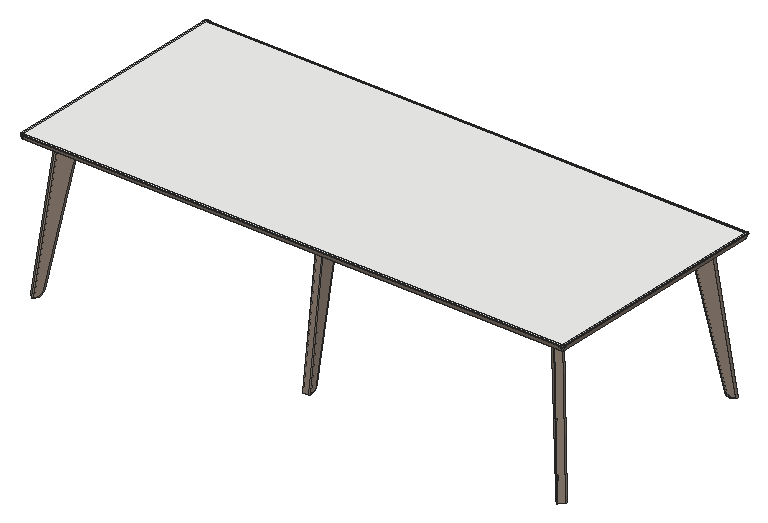
Revit family "Table-Casual-Naughtone-Dalby_6Leg", category Furniture, Revit 2015
Parameters (values of type "2800mmx1200mmx750mm")
  _distributed by = "www.bimbox.co.uk"  # constant formula
  _current revision = "1"
  _created by = "BIMBox"  # constant formula
  _author = "BIMBox"  # constant formula
  _BIMspec_GUID = 0
  WarrantyStartDate [instance] = "<User Defined>"
  WarrantyGuarantorParts = "sales@naughtone.com"
  WarrantyGuarantorLabor = "sales@naughtone.com"
  WarrantyDurationUnit = "Years"
  WarrantyDurationParts = "5"
  WarrantyDurationLabor = "5"
  WarrantyDescription = "5 year warranty"
  Version = "1"
  Uniclass2015 = "40.50.21.22"
  URL = "http://www.naughtone.com/"
  TypeName = "Table-Casual-Naughtone-Dalby_6Leg"
  Type Comments = "2800x1200x750"
  TagNumber = "0.000000"
  SustainabilityPerformance = "89.64% reusable content"
  Size = "2800mmx1200mmx750mm"
  Shape = "Rectangular"
  SerialNumber = "0.000000"
  ReplacementCost = "0.00"
  ProductInformation = "http://www.naughtone.com/wp-content/uploads/2015/05/Dalby-Brochure-FISP-2015.pdf?49171d"
  Product URL = "http://www.naughtone.com/portfolio-view/dalby"
  Option [instance] = if(HasReverseChamfer, "MFMDF with reverse chamfer", if(HasBandEdge, "MFMDF edge banded", "n/a"))  # "MFMDF with reverse chamfer"
  NominalWidth = 2800 mm
  NominalLength = 1200 mm  # constant formula
  NominalHeight = 750 mm  # constant formula
  Name = "2800mmx1200mmx750mm, Dalby 6 Leg Table"
  NBSReference = "40.50.21.22"
  NBSDescription = "n/a"
  Mtrl_Top [instance] = Laminate-White-Smooth
  Mtrl_Frame [instance] = Wood-Oak-Satin_Frame
  Mtrl_EdgeTop [instance] = Wood-Oak-Matte_Top
  ModelReference = "Dalby 6 Leg Table"
  ModelNumber = "DAL-6LEG-2800x1200"
  Model = "DAL-6LEG-2800x1200"
  Material = "MFMDF Top; Solid Oak Legs"
  ManufacturerAddressUK = "201 Pannal Business Park, Station Road, Harrogate, HG3 1JL"  # constant formula
  Manufacturer = "Naughtone"  # constant formula
  Keynote = "40.50.21.22"
  InstallationDate [instance] = "<User Defined>"
  HasReverseChamfer [instance] = yes
  HasBandEdge [instance] = not(HasReverseChamfer)  # no
  Grade = "n/a"
  Finish = "Polyster powder coat; various top finishes available"
  Features = "n/a"
  ExpectedLife = "15-20"
  EdgeOffset [instance] = if(HasReverseChamfer, 10 mm, 5 mm)  # 10 mm
  DurationUnit = "Years"
  Description = "Dalby 6 Leg Table"
  CreatedOn = "2015.07.15"
  CreatedBy = "Naughtone"  # constant formula
  Cost = 0
  ContactTelephoneNumber = "+44 (0) 1423 816500"
  ContactEmailAddress = "sales@naughtone.com"
  Constituents = "Wood Top; Solid Oak frame"
  ComponentDescription = "The Dalby table will inject warmth and quality into an interior without raising any eyebrows. Dalby provides a practical, robust surface and maximised leg positions for clear, useable access all round the table."
  Color = "White"
  CodePerformance = "FISP Certified; ISO14001 Certified"
  Category = "40.50.21.22 : Dining Tables"
  BarCode = "0.000000"
  BIMObjectName = "Table-Casual-Naughtone-Dalby_6Leg"
  AssetType = "Movable"
  AssetIdentifier = "DAL-6LEG-2800x1200"
  Assembly Code = "E2020"
  AdditionalMaterials = "Additional material and finish options available. Please contact Naughtone direct for further information."
  AccessibilityPerformance = "n/a"
Types (3, lengths in mm): name | Type Comments | Size | NominalWidth | Name | ModelNumber | Model | AssetIdentifier
  (no name) | "2800x1200x750" | "2800mmx1200mmx750mm" | 2800 | "2800mmx1200mmx750mm, Dalby 6 Leg Table" | "DAL-6LEG-2800x1200" | "DAL-6LEG-2800x1200" | "DAL-6LEG-2800x1200"
  2800mmx1200mmx750mm | "2800x1200x750" | "2800mmx1200mmx750mm" | 2800 | "2800mmx1200mmx750mm, Dalby 6 Leg Table" | "DAL-6LEG-2800x1200" | "DAL-6LEG-2800x1200" | "DAL-6LEG-2800x1200"
  3200mmx1200mmx750mm | "3200x1200x750" | "3200mmx1200mmx750mm" | 3200 | "3200mmx1200mmx750mm, Dalby 6 Leg Table" | "DAL-6LEG-3200x1200" | "DAL-6LEG-3200x1200" | "DAL-6LEG-3200x1200"
Reference planes
  plane 1 "Center (Front/Back)": y = 0
  plane 2: z = 0
  plane 3 "Center (Left/Right)": x = 0
  plane 4 "Left": x = -1400
  plane 5 "Right": x = 1400
  plane 6 "Rear": y = 600
  plane 7 "Front": y = -600
  plane 8 "Top": z = 750
  plane 9: x = -1390
  plane 10: y = -590
  plane 11: y = 590
  plane 12: x = 1390
  plane 13 "EdgeProfile": z = 725
  plane 14: y = -595
Forms (mm)
  Sweep 1, solid, material "Wood-Oak-Matte_Top" <- "Mtrl_EdgeTop", visible <- "HasReverseChamfer"
    path origin (0, 0, 725) x (-1, 0, 0) y (0, -1, 0)
      loop
        line (1390, -587) -> (1390, 587)
        arc (1390, 587) -> (1389.121, 589.121) -> (1387, 590) r 3
        line (1387, 590) -> (-1387, 590)
        arc (-1387, 590) -> (-1389.121, 589.121) -> (-1390, 587) r 3
        line (-1390, 587) -> (-1390, -587)
        arc (-1390, -587) -> (-1389.121, -589.121) -> (-1387, -590) r 3
        line (-1387, -590) -> (1387, -590)
        arc (1387, -590) -> (1389.121, -589.121) -> (1390, -587) r 3
    profile origin (-1390, 0, 725) x (1, 0, 0) y (0, 0, 1)
      loop
        line (0, 25) -> (-9.5, 25)
        arc (-9.5, 25) -> (-9.854, 24.854) -> (-10, 24.5) r 0.5
        line (-10, 24.5) -> (-10, 21.379)
        arc (-10, 21.379) -> (-9.925, 20.513) -> (-9.701, 19.674) r 5
        line (-9.701, 19.674) -> (-1.167, 0) -> (0, 0) -> (0, 25)
  Sweep 2, solid, material "Wood-Oak-Matte_Top" <- "Mtrl_EdgeTop", visible <- "HasBandEdge"
    path origin (0, 0, 725) x (-1, 0, 0) y (0, -1, 0)
      loop
        line (1387, 590) -> (-1387, 590)
        arc (-1387, 590) -> (-1389.121, 589.121) -> (-1390, 587) r 3
        line (-1390, 587) -> (-1390, -587)
        arc (-1390, -587) -> (-1389.121, -589.121) -> (-1387, -590) r 3
        line (-1387, -590) -> (1387, -590)
        arc (1387, -590) -> (1389.121, -589.121) -> (1390, -587) r 3
        line (1390, -587) -> (1390, 587)
        arc (1390, 587) -> (1389.121, 589.121) -> (1387, 590) r 3
    profile origin (0, -590, 725) x (0, 1, 0) y (0, 0, 1)
      loop
        line (-5, 20) -> (-5, 5)
        arc (-5, 5) -> (-3.536, 1.464) -> (0, 0) r 5
        line (0, 0) -> (0, 25)
        arc (0, 25) -> (-3.536, 23.536) -> (-5, 20) r 5
  Extrusion 3, solid, material "Laminate-White-Smooth" <- "Mtrl_Top"
    sketch origin (0, 0, 725) x (-1, 0, 0) y (0, -1, 0)
      loop
        arc (1387, -590) -> (1389.121, -589.121) -> (1390, -587) r 3
        line (1390, -587) -> (1390, 587)
        arc (1390, 587) -> (1389.121, 589.121) -> (1387, 590) r 3
        line (1387, 590) -> (-1387, 590)
        arc (-1387, 590) -> (-1389.121, 589.121) -> (-1390, 587) r 3
        line (-1390, 587) -> (-1390, -587)
        arc (-1390, -587) -> (-1389.121, -589.121) -> (-1387, -590) r 3
        line (-1387, -590) -> (1387, -590)
    from 0 to 25
Dimensions and locks
  equal spacing: plane 4 "Left", plane 3 "Center (Left/Right)", plane 5 "Right"
  "NominalWidth": plane 4 "Left" to plane 5 "Right"
  equal spacing: plane 6 "Rear", plane 1 "Center (Front/Back)", plane 7 "Front"
  "NominalLength": plane 6 "Rear" to plane 7 "Front"
  "NominalHeight": plane 8 "Top" to level
  "EdgeOffset": plane 4 "Left" to plane 9
  "EdgeOffset": plane 12 to plane 5 "Right"
  "EdgeOffset": plane 6 "Rear" to plane 11
  "EdgeOffset": plane 10 to plane 7 "Front"
  locked: plane 8 "Top" to plane 13 "EdgeProfile" at 25
  locked: plane 14 to plane 10 at 5
  aligned and locked: level to plane 2
  aligned and locked: Sweep 1 sketch curve to plane 9
  aligned and locked: Sweep 1 sketch curve to plane 11
  aligned and locked: Sweep 1 sketch curve to plane 10
  aligned and locked: Sweep 1 sketch curve to plane 12
  aligned and locked: plane 8 "Top" to Sweep 1 sketch curve
  aligned and locked: Sweep 1 sketch curve to plane 4 "Left"
  aligned and locked: plane 13 "EdgeProfile" to Sweep 1 sketch curve
  aligned and locked: plane 9 to Sweep 1 sketch curve
  aligned and locked: Sweep 2 sketch curve to plane 10
  aligned and locked: Sweep 2 sketch curve to plane 9
  aligned and locked: Sweep 2 sketch curve to plane 11
  aligned and locked: Sweep 2 sketch curve to plane 12
  aligned and locked: plane 10 to Sweep 2 sketch curve
  aligned and locked: Sweep 2 sketch curve to plane 14
  aligned and locked: Extrusion 3 sketch curve to plane 11
  aligned and locked: Extrusion 3 sketch curve to plane 9
  aligned and locked: Extrusion 3 sketch curve to plane 10
  aligned and locked: Extrusion 3 sketch curve to plane 12
  aligned and locked: Extrusion 3 to plane 8 "Top"
  aligned and locked: Extrusion 3 to plane 13 "EdgeProfile"
  aligned and locked: nested 1 to plane 1 "Center (Front/Back)"
  aligned and locked: plane 3 "Center (Left/Right)" to nested 1
Automatic sketch dimensions
  Sweep 2 sketch curve to profile plane = 0 mm
  Sweep 2 sketch curve to plane 13 "EdgeProfile" = 0 mm
  Sweep 2 sketch curve to Sweep 2 sketch curve = 15 mm
  Sweep 2 sketch curve to Sweep 2 sketch curve = 0 mm
  Sweep 1 sketch curve to Sweep 1 sketch curve = 0.299 mm
  Sweep 1 sketch curve to Sweep 1 sketch curve = 0.5 mm
  Sweep 1 sketch curve to Sweep 1 sketch curve = 5 mm
  Sweep 1 sketch curve to Sweep 1 sketch curve = 4.826 mm
  profile plane to Sweep 1 sketch curve = 1.167 mm
  plane 12 to Sweep 1 sketch curve = 3 mm  (x2)
  plane 9 to Sweep 1 sketch curve = 3 mm  (x2)
  plane 12 to Extrusion 3 sketch curve = 3 mm  (x2)
  Extrusion 3 sketch curve to Extrusion 3 sketch curve = 3 mm  (x2)
  plane 12 to Sweep 2 sketch curve = 3 mm
  Sweep 2 sketch curve to Sweep 2 sketch curve = 3 mm  (x2)
  plane 9 to Sweep 2 sketch curve = 3 mm
Nested families
  nested 1: "Nested-Frame-Naughtone-Dalby_6Leg" at (0, 0, 0), Mtrl_Frame <- "Mtrl_Frame", NominalLength <- "NominalLength", NominalWidth <- "NominalWidth", type "Dalby Frame"
    with NominalWidth 2800 mm, NominalLength 1200 mm, Mtrl_Frame Wood-Oak-Satin_Frame
Definition of nested family "Nested-Frame-Naughtone-Dalby_6Leg"
  Parameters (values of type "Dalby Frame")
    _distributed by = "www.bimbox.co.uk"  # constant formula
    _current revision = "1"
    _created by = "BIMBox"  # constant formula
    _author = "BIMBox"  # constant formula
    URL = "http://www.naughtone.com/"
    Type Comments = ""
    NominalWidth [instance] = 2800 mm
    NominalLength [instance] = 1200 mm
    NominalHeight = 750 mm  # constant formula
    Mtrl_Frame [instance] = none
    Model = "Dalby Frame"
    ManufacturerAddressUK = "201 Pannal Business Park, Station Road, Harrogate, HG3 1JL"  # constant formula
    Manufacturer = "Naughtone"  # constant formula
    Keynote = ""
    Description = "Dalby Frame"
    Cost = 0
    ContactTelephoneNumber = "+44 (0) 1423 816500"
    ContactEmailAddress = "sales@naughtone.com"
    Assembly Code = "E2020"
  Reference planes
    plane 1 "Center (Front/Back)": y = 0
    plane 2: z = 0
    plane 3 "Center (Left/Right)": x = 0
    plane 4 "Left": x = -1400
    plane 5 "Right": x = 1400
    plane 6 "Rear": y = 600
    plane 7 "Front": y = -600
    plane 8 "Top": z = 750
    plane 9 "EdgeProfile": z = 725
    plane 10: z = 650
    plane 11: y = -550
    plane 12: x = 1378
    plane 13: x = 1350
    plane 14: y = -578
    plane 15: x = 1225
    plane 16: y = -397
    plane 17: x = 1197
    plane 18: y = -425
    plane 19: x = 1211
    plane 20: y = -411
    plane 21: x = 1364
    plane 22: y = -564
    plane 23: through (1047, -575, 1200) normal (-0.7071, 0.7071, 0)
    plane 24: through (1200, -728, 1200) normal (-0.7071, 0.7071, 0)
    plane 25: through (1038.223, -739.272, 725) normal (-0.7071, 0.7071, 0)
    plane 26: z = 655.321
    plane 27: through (972.329, -673.378, 649.22) normal (-0.7071, 0.7071, 0)
    plane 28: z = 649.22
    plane 29: z = 612.454
    plane 30: through (994.845, -695.895, 612.454) normal (-0.7071, 0.7071, 0)
    plane 31: z = 602.235
    plane 32: through (960.236, -661.286, 602.235) normal (-0.7071, 0.7071, 0)
    plane 33: z = 32.847
    plane 34: through (1080.418, -781.467, 32.847) normal (-0.7071, 0.7071, 0)
    plane 35: z = 5
    plane 36: through (1104.644, -805.694, 5) normal (-0.7071, 0.7071, 0)
    plane 37: through (1109.411, -810.46, 5) normal (-0.7071, 0.7071, 0)
    plane 38: z = 40
    plane 39: z = 655.321
    plane 40: through (957.647, -658.696, 730) normal (0.7071, -0.7071, 0)
    plane 41: z = 727
    plane 42: through (1043.798, -744.847, 728.911) normal (0.7071, -0.7071, 0)
    plane 43: y = 550
    plane 44: x = 1378
    plane 45: x = 1350
    plane 46: y = 578
    plane 47: x = 1225
    plane 48: y = 397
    plane 49: x = 1197
    plane 50: y = 425
    plane 51: x = 1211
    plane 52: y = 411
    plane 53: x = 1364
    plane 54: y = 564
    plane 55: through (1047, 575, 1200) normal (0.7071, 0.7071, 0)
    plane 56: through (1200, 728, 1200) normal (0.7071, 0.7071, 0)
    plane 57: through (1038.223, 739.272, 725) normal (0.7071, 0.7071, 0)
    plane 58: through (972.329, 673.378, 649.22) normal (0.7071, 0.7071, 0)
    plane 59: through (994.845, 695.895, 612.454) normal (0.7071, 0.7071, 0)
    plane 60: through (960.236, 661.286, 602.235) normal (0.7071, 0.7071, 0)
    plane 61: through (1080.418, 781.467, 32.847) normal (0.7071, 0.7071, 0)
    plane 62: through (1104.644, 805.694, 5) normal (0.7071, 0.7071, 0)
    plane 63: through (1109.411, 810.46, 5) normal (0.7071, 0.7071, 0)
    plane 64: z = 655.321
    plane 65: through (957.647, 658.696, 730) normal (-0.7071, -0.7071, 0)
    plane 66: z = 727
    plane 67: through (1043.798, 744.847, 728.911) normal (-0.7071, -0.7071, 0)
    plane 68: y = 550
    plane 69: x = -1378
    plane 70: x = -1350
    plane 71: y = 578
    plane 72: x = -1225
    plane 73: y = 397
    plane 74: x = -1197
    plane 75: y = 425
    plane 76: x = -1211
    plane 77: y = 411
    plane 78: x = -1364
    plane 79: y = 564
    plane 80: through (-1047, 575, 1200) normal (0.7071, -0.7071, 0)
    plane 81: through (-1200, 728, 1200) normal (0.7071, -0.7071, 0)
    plane 82: through (-1038.223, 739.272, 725) normal (0.7071, -0.7071, 0)
    plane 83: through (-972.329, 673.378, 649.22) normal (0.7071, -0.7071, 0)
    plane 84: through (-994.845, 695.895, 612.454) normal (0.7071, -0.7071, 0)
    plane 85: through (-960.236, 661.286, 602.235) normal (0.7071, -0.7071, 0)
    plane 86: through (-1080.418, 781.467, 32.847) normal (0.7071, -0.7071, 0)
    plane 87: through (-1104.644, 805.694, 5) normal (0.7071, -0.7071, 0)
    plane 88: through (-1109.411, 810.46, 5) normal (0.7071, -0.7071, 0)
    plane 89: through (-957.647, 658.696, 730) normal (-0.7071, 0.7071, 0)
    plane 90: z = 727
    plane 91: through (-1043.798, 744.847, 728.911) normal (-0.7071, 0.7071, 0)
    plane 92: y = -550
    plane 93: x = -1378
    plane 94: x = -1350
    plane 95: y = -578
    plane 96: x = -1225
    plane 97: y = -397
    plane 98: x = -1197
    plane 99: y = -425
    plane 100: x = -1211
    plane 101: y = -411
    plane 102: x = -1364
    plane 103: y = -564
    plane 104: through (-1047, -575, 1200) normal (-0.7071, -0.7071, 0)
    plane 105: through (-1200, -728, 1200) normal (-0.7071, -0.7071, 0)
    plane 106: through (-1038.223, -739.272, 725) normal (-0.7071, -0.7071, 0)
    plane 107: through (-972.329, -673.378, 649.22) normal (-0.7071, -0.7071, 0)
    plane 108: through (-994.845, -695.895, 612.454) normal (-0.7071, -0.7071, 0)
    plane 109: through (-960.236, -661.286, 602.235) normal (-0.7071, -0.7071, 0)
    plane 110: through (-1080.418, -781.467, 32.847) normal (-0.7071, -0.7071, 0)
    plane 111: through (-1104.644, -805.694, 5) normal (-0.7071, -0.7071, 0)
    plane 112: through (-1109.411, -810.46, 5) normal (-0.7071, -0.7071, 0)
    plane 113: through (-957.647, -658.696, 730) normal (0.7071, 0.7071, 0)
    plane 114: z = 727
    plane 115: through (-1043.798, -744.847, 728.911) normal (0.7071, 0.7071, 0)
    plane 116: z = 655.321
    plane 117: z = 649.22
    plane 118: z = 612.454
    plane 119: z = 602.235
    plane 120: z = 32.847
    plane 121: z = 5
    plane 122: z = 40
    plane 123: x = 1265
    plane 124: y = 443.671
    plane 125: y = -443.671
    plane 126: y = 465
    plane 127: x = -1265
    plane 128: y = -465
    plane 129: y = -500
    plane 130: x = -20
    plane 131: x = 20
    plane 132: y = -289.035
    plane 133: y = -399.324
    plane 134: y = -289.373
    plane 135: y = -306.136
    plane 136: y = -337.98
    plane 137: y = -458.997
    plane 138: y = -493.259
    plane 139: z = 727
    plane 140: y = -285.373
    plane 141: y = -406.324
    plane 142: y = 500
    plane 143: x = -20
    plane 144: x = 20
    plane 145: y = 289.035
    plane 146: y = 399.324
    plane 147: y = 289.373
    plane 148: y = 306.136
    plane 149: y = 337.98
    plane 150: y = 458.997
    plane 151: y = 493.259
    plane 152: z = 727
    plane 153: y = 285.373
    plane 154: y = 406.324
  Forms (mm)
    Sweep 1, solid, material <- "Mtrl_Frame"
      path origin (1211, -411, 0) x (0.707107, -0.707107, 0) y (0, 0, 1)
        loop
          line (109.951, 725) -> (210.627, 5) -> (203.886, 5)
          arc (203.886, 5) -> (181.81, 12.84) -> (169.624, 32.847) r 35
          line (169.624, 32.847) -> (48.607, 612.454)
          arc (48.607, 612.454) -> (37.457, 634.97) -> (16.763, 649.22) r 50
          line (16.763, 649.22) -> (0, 655.321)
      profile origin (1357.552, -557.552, 5) x (0, 0, -1) y (-0.707107, -0.707107, 0)
        loop
          line (5, -15) -> (5, 15)
          arc (5, 15) -> (3.536, 18.536) -> (0, 20) r 5
          line (0, 20) -> (0, -20)
          arc (0, -20) -> (3.536, -18.536) -> (5, -15) r 5
    Extrusion 2, solid, material <- "Mtrl_Frame"
      sketch origin (1211, -411, 0) x (0.707107, -0.707107, 0) y (0, 0, 1)
        loop
          line (48.607, 612.454) -> (169.624, 32.847)
          arc (169.624, 32.847) -> (181.81, 12.84) -> (203.886, 5) r 35
          line (203.886, 5) -> (210.627, 5) -> (109.951, 725) -> (0, 725) -> (0, 655.321) -> (16.763, 649.22)
          arc (16.763, 649.22) -> (37.457, 634.97) -> (48.607, 612.454) r 50
      from -20 to 20
    Extrusion 3, void
      sketch origin (1211, -411, 0) x (0.707107, -0.707107, 0) y (0, 0, 1)
        loop
          line (-4, 727) -> (-4, 650) -> (0, 650) -> (0, 725) -> (117.836, 725) -> (117.836, 727) -> (-4, 727)
      from -20 to 20
    Sweep 4, solid, material <- "Mtrl_Frame"
      path origin (1211, 411, 0) x (0.707107, 0.707107, 0) y (0, 0, 1)
        loop
          line (109.951, 725) -> (210.627, 5) -> (203.886, 5)
          arc (203.886, 5) -> (181.81, 12.84) -> (169.624, 32.847) r 35
          line (169.624, 32.847) -> (48.607, 612.454)
          arc (48.607, 612.454) -> (37.457, 634.97) -> (16.763, 649.22) r 50
          line (16.763, 649.22) -> (0, 655.321)
      profile origin (1357.552, 557.552, 5) x (0, 0, -1) y (0.707107, -0.707107, 0)
        loop
          arc (5, 15) -> (3.536, 18.536) -> (0, 20) r 5
          line (0, 20) -> (0, -20)
          arc (0, -20) -> (3.536, -18.536) -> (5, -15) r 5
          line (5, -15) -> (5, 15)
    Extrusion 5, solid, material <- "Mtrl_Frame"
      sketch origin (1211, 411, 0) x (0.707107, 0.707107, 0) y (0, 0, 1)
        loop
          line (48.607, 612.454) -> (169.624, 32.847)
          arc (169.624, 32.847) -> (181.81, 12.84) -> (203.886, 5) r 35
          line (203.886, 5) -> (210.627, 5) -> (109.951, 725) -> (0, 725) -> (0, 655.321) -> (16.763, 649.22)
          arc (16.763, 649.22) -> (37.457, 634.97) -> (48.607, 612.454) r 50
      from 20 to -20
    Extrusion 6, void
      sketch origin (1211, 411, 0) x (0.707107, 0.707107, 0) y (0, 0, 1)
        loop
          line (-4, 727) -> (-4, 650) -> (0, 650) -> (0, 725) -> (117.836, 725) -> (117.836, 727) -> (-4, 727)
      from -20 to 20
    Sweep 7, solid, material <- "Mtrl_Frame"
      path origin (-1211, 411, 0) x (-0.707107, 0.707107, 0) y (0, 0, 1)
        loop
          line (109.951, 725) -> (210.627, 5) -> (203.886, 5)
          arc (203.886, 5) -> (181.81, 12.84) -> (169.624, 32.847) r 35
          line (169.624, 32.847) -> (48.607, 612.454)
          arc (48.607, 612.454) -> (37.457, 634.97) -> (16.763, 649.22) r 50
          line (16.763, 649.22) -> (0, 655.321)
      profile origin (-1357.552, 557.552, 5) x (0, 0, -1) y (0.707107, 0.707107, 0)
        loop
          line (5, -15) -> (5, 15)
          arc (5, 15) -> (3.536, 18.536) -> (0, 20) r 5
          line (0, 20) -> (0, -20)
          arc (0, -20) -> (3.536, -18.536) -> (5, -15) r 5
    Extrusion 8, void
      sketch origin (-1211, 411, 0) x (-0.707107, 0.707107, 0) y (0, 0, 1)
        loop
          line (-4, 727) -> (-4, 650) -> (0, 650) -> (0, 725) -> (117.836, 725) -> (117.836, 727) -> (-4, 727)
      from -20 to 20
    Sweep 9, solid, material <- "Mtrl_Frame"
      path origin (-1211, -411, 0) x (-0.707107, -0.707107, 0) y (0, 0, 1)
        loop
          line (109.951, 725) -> (210.627, 5) -> (203.886, 5)
          arc (203.886, 5) -> (181.81, 12.84) -> (169.624, 32.847) r 35
          line (169.624, 32.847) -> (48.607, 612.454)
          arc (48.607, 612.454) -> (37.457, 634.97) -> (16.763, 649.22) r 50
          line (16.763, 649.22) -> (0, 655.321)
      profile origin (-1357.552, -557.552, 5) x (0, 0, -1) y (-0.707107, 0.707107, 0)
        loop
          arc (5, 15) -> (3.536, 18.536) -> (0, 20) r 5
          line (0, 20) -> (0, -20)
          arc (0, -20) -> (3.536, -18.536) -> (5, -15) r 5
          line (5, -15) -> (5, 15)
    Extrusion 10, void
      sketch origin (-1211, -411, 0) x (-0.707107, -0.707107, 0) y (0, 0, 1)
        loop
          line (-4, 727) -> (-4, 650) -> (0, 650) -> (0, 725) -> (117.836, 725) -> (117.836, 727) -> (-4, 727)
      from -20 to 20
    Extrusion 11, solid, material <- "Mtrl_Frame"
      sketch origin (-1211, -411, 0) x (-0.707107, -0.707107, 0) y (0, 0, 1)
        loop
          line (109.951, 725) -> (0, 725) -> (0, 655.321) -> (16.763, 649.22)
          arc (16.763, 649.22) -> (37.457, 634.97) -> (48.607, 612.454) r 50
          line (48.607, 612.454) -> (169.624, 32.847)
          arc (169.624, 32.847) -> (181.81, 12.84) -> (203.886, 5) r 35
          line (203.886, 5) -> (210.627, 5) -> (109.951, 725)
      from -20 to 20
    Extrusion 12, solid, material <- "Mtrl_Frame"
      sketch origin (-1211, 411, 0) x (-0.707107, 0.707107, 0) y (0, 0, 1)
        loop
          line (0, 725) -> (0, 655.321) -> (16.763, 649.22)
          arc (16.763, 649.22) -> (37.457, 634.97) -> (48.607, 612.454) r 50
          line (48.607, 612.454) -> (169.624, 32.847)
          arc (169.624, 32.847) -> (181.81, 12.84) -> (203.886, 5) r 35
          line (203.886, 5) -> (210.627, 5) -> (109.951, 725) -> (0, 725)
      from -20 to 20
    Extrusion 13, solid, material <- "Mtrl_Frame"
      sketch origin (0, 0, 0) x (1, 0, 0) y (0, 1, 0)
        loop
          line (1225, 396.716) -> (1225, -396.716) -> (1265, -436.716) -> (1265, 436.716) -> (1225, 396.716)
      from 650 to 725
    Extrusion 14, solid, material <- "Mtrl_Frame"
      sketch origin (0, 0, 0) x (1, 0, 0) y (0, 1, 0)
        loop
          line (1236.716, 465) -> (-1236.716, 465) -> (-1196.716, 425) -> (1196.716, 425) -> (1236.716, 465)
      from 649.22 to 725
    Extrusion 15, solid, material <- "Mtrl_Frame"
      sketch origin (0, 0, 0) x (1, 0, 0) y (0, 1, 0)
        loop
          line (-1265, 436.716) -> (-1265, -436.716) -> (-1225, -396.716) -> (-1225, 396.716) -> (-1265, 436.716)
      from 649.22 to 725
    Extrusion 16, solid, material <- "Mtrl_Frame"
      sketch origin (0, 0, 0) x (1, 0, 0) y (0, 1, 0)
        loop
          line (1236.716, -465) -> (1196.716, -425) -> (-1196.716, -425) -> (-1236.716, -465) -> (1236.716, -465)
      from 649.22 to 725
    Sweep 17, solid, material <- "Mtrl_Frame"
      path origin (0, 0, 0) x (0, 1, 0) y (0, 0, 1)
        loop
          line (-399.324, 725) -> (-500, 5) -> (-493.259, 5)
          arc (-493.259, 5) -> (-471.183, 12.84) -> (-458.997, 32.847) r 35
          line (-458.997, 32.847) -> (-337.98, 612.454)
          arc (-337.98, 612.454) -> (-326.83, 634.97) -> (-306.136, 649.22) r 50
          line (-306.136, 649.22) -> (-289.373, 655.321)
      profile origin (0, -398.489, 322.65) x (0, -0.978891, 0.204385) y (1, 0, 0)
        loop
          arc (0, 20) -> (-3.536, 18.536) -> (-5, 15) r 5
          line (-5, 15) -> (-5, -15)
          arc (-5, -15) -> (-3.536, -18.536) -> (0, -20) r 5
          line (0, -20) -> (0, 20)
    Extrusion 18, solid, material <- "Mtrl_Frame"
      sketch origin (0, 0, 0) x (0, 1, 0) y (0, 0, 1)
        loop
          line (-399.324, 725) -> (-500, 5) -> (-493.259, 5)
          arc (-493.259, 5) -> (-471.183, 12.84) -> (-458.997, 32.847) r 35
          line (-458.997, 32.847) -> (-337.98, 612.454)
          arc (-337.98, 612.454) -> (-326.83, 634.97) -> (-306.136, 649.22) r 50
          line (-306.136, 649.22) -> (-289.373, 655.321) -> (-289.373, 725) -> (-399.324, 725)
      from -20 to 20
    Extrusion 19, void
      sketch origin (0, 0, 0) x (0, 1, 0) y (0, 0, 1)
        loop
          line (-406.324, 727) -> (-406.324, 725) -> (-289.373, 725) -> (-289.373, 649.22) -> (-285.373, 649.22) -> (-285.373, 727) -> (-406.324, 727)
      from -20 to 20
    Sweep 20, solid, material <- "Mtrl_Frame"
      path origin (0, 0, 0) x (0, -1, 0) y (0, 0, 1)
        loop
          line (-399.324, 725) -> (-500, 5) -> (-493.259, 5)
          arc (-493.259, 5) -> (-471.183, 12.84) -> (-458.997, 32.847) r 35
          line (-458.997, 32.847) -> (-337.98, 612.454)
          arc (-337.98, 612.454) -> (-326.83, 634.97) -> (-306.136, 649.22) r 50
          line (-306.136, 649.22) -> (-289.373, 655.321)
      profile origin (0, 398.489, 322.65) x (0, -0.978891, -0.204385) y (1, 0, 0)
        loop
          line (0, 20) -> (0, -20)
          arc (0, -20) -> (3.536, -18.536) -> (5, -15) r 5
          line (5, -15) -> (5, 15)
          arc (5, 15) -> (3.536, 18.536) -> (0, 20) r 5
    Extrusion 21, solid, material <- "Mtrl_Frame"
      sketch origin (0, 0, 0) x (0, -1, 0) y (0, 0, -1)
        loop
          line (-399.324, -725) -> (-289.373, -725) -> (-289.373, -655.321) -> (-306.136, -649.22)
          arc (-306.136, -649.22) -> (-326.83, -634.97) -> (-337.98, -612.454) r 50
          line (-337.98, -612.454) -> (-458.997, -32.847)
          arc (-458.997, -32.847) -> (-471.183, -12.84) -> (-493.259, -5) r 35
          line (-493.259, -5) -> (-500, -5) -> (-399.324, -725)
      from -20 to 20
    Extrusion 22, void
      sketch origin (0, 0, 0) x (0, -1, 0) y (0, 0, -1)
        loop
          line (-406.324, -727) -> (-285.373, -727) -> (-285.373, -649.22) -> (-289.373, -649.22) -> (-289.373, -725) -> (-406.324, -725) -> (-406.324, -727)
      from -20 to 20
  Cuts and joins
    Extrusion 3, Extrusion 6, Extrusion 10 cuts Sweep 1
    Extrusion 6, Extrusion 10 cuts Extrusion 2
    joined: Sweep 1, Extrusion 2
    Extrusion 6, Extrusion 8 cuts Sweep 4
    Extrusion 6, Extrusion 8 cuts Extrusion 5
    joined: Sweep 4, Extrusion 5
    Extrusion 8 cuts Sweep 7
    joined: Sweep 7, Extrusion 12
    Extrusion 10 cuts Sweep 9
    joined: Sweep 9, Extrusion 11
    Extrusion 19, Extrusion 22 cuts Sweep 17
    Extrusion 22 cuts Extrusion 18
    joined: Sweep 17, Extrusion 18
    Extrusion 22 cuts Sweep 20
    Extrusion 22 cuts Extrusion 21
    joined: Sweep 20, Extrusion 21
  Lines and regions (mm)
    reference lines
      curve 1: line (1211, -411, 0) -> (1364, -564, 0)
      curve 2: line (1211, 411, 0) -> (1364, 564, 0)
      curve 3: line (-1211, 411, 0) -> (-1364, 564, 0)
      curve 4: line (-1211, -411, 0) -> (-1364, -564, 0)
  Dimensions and locks
    equal spacing: plane 4 "Left", plane 3 "Center (Left/Right)", plane 5 "Right"
    "NominalWidth": plane 4 "Left" to plane 5 "Right"
    equal spacing: plane 6 "Rear", plane 1 "Center (Front/Back)", plane 7 "Front"
    "NominalLength": plane 6 "Rear" to plane 7 "Front"
    "NominalHeight": plane 8 "Top" to level
    locked: plane 8 "Top" to plane 9 "EdgeProfile" at 25
    locked: plane 9 "EdgeProfile" to plane 10 at 75
    locked: plane 12 to plane 5 "Right" at 22
    locked: plane 11 to plane 7 "Front" at 50
    locked: plane 14 to plane 7 "Front" at 22
    locked: plane 13 to plane 5 "Right" at 50
    locked: plane 16 to plane 7 "Front" at 203
    locked: plane 15 to plane 5 "Right" at 175
    locked: plane 18 to plane 7 "Front" at 175
    locked: plane 17 to plane 5 "Right" at 203
    locked: plane 20 to plane 7 "Front" at 189
    locked: plane 19 to plane 5 "Right" at 189
    locked: plane 22 to plane 7 "Front" at 36
    locked: plane 21 to plane 5 "Right" at 36
    locked: plane 23 to plane 25 at 109.951
    locked: plane 26 to plane 10 at 5.321
    locked: plane 10 to plane 28 at 0.78
    locked: plane 23 to plane 27 at 16.763
    locked: plane 23 to plane 30 at 48.607
    locked: plane 10 to plane 29 at 37.546
    locked: plane 10 to plane 31 at 47.765
    locked: plane 32 to plane 23 at 0.338
    locked: plane 37 to plane 24 at 5.748
    locked: plane 34 to plane 24 at 46.75
    locked: plane 36 to plane 24 at 12.489
    locked: plane 35 to level at 5
    locked: plane 33 to level at 32.847
    locked: plane 38 to level at 40
    locked: plane 39 to plane 10 at 5.321
    locked: plane 40 to plane 23 at 4
    locked: plane 41 to plane 9 "EdgeProfile" at 2
    locked: plane 25 to plane 42 at 7.885
    locked: plane 44 to plane 5 "Right" at 22
    locked: plane 43 to plane 6 "Rear" at 50
    locked: plane 46 to plane 6 "Rear" at 22
    locked: plane 45 to plane 5 "Right" at 50
    locked: plane 48 to plane 6 "Rear" at 203
    locked: plane 47 to plane 5 "Right" at 175
    locked: plane 50 to plane 6 "Rear" at 175
    locked: plane 49 to plane 5 "Right" at 203
    locked: plane 52 to plane 6 "Rear" at 189
    locked: plane 51 to plane 5 "Right" at 189
    locked: plane 54 to plane 6 "Rear" at 36
    locked: plane 53 to plane 5 "Right" at 36
    locked: plane 55 to plane 57 at 109.951
    locked: plane 55 to plane 58 at 16.763
    locked: plane 55 to plane 59 at 48.607
    locked: plane 60 to plane 55 at 0.338
    locked: plane 63 to plane 56 at 5.748
    locked: plane 61 to plane 56 at 46.75
    locked: plane 62 to plane 56 at 12.489
    locked: plane 65 to plane 55 at 4
    locked: plane 57 to plane 67 at 7.885
    locked: plane 69 to plane 4 "Left" at 22
    locked: plane 68 to plane 6 "Rear" at 50
    locked: plane 71 to plane 6 "Rear" at 22
    locked: plane 70 to plane 4 "Left" at 50
    locked: plane 73 to plane 6 "Rear" at 203
    locked: plane 72 to plane 4 "Left" at 175
    locked: plane 75 to plane 6 "Rear" at 175
    locked: plane 74 to plane 4 "Left" at 203
    locked: plane 77 to plane 6 "Rear" at 189
    locked: plane 76 to plane 4 "Left" at 189
    locked: plane 79 to plane 6 "Rear" at 36
    locked: plane 78 to plane 4 "Left" at 36
    locked: plane 80 to plane 82 at 109.951
    locked: plane 80 to plane 83 at 16.763
    locked: plane 80 to plane 84 at 48.607
    locked: plane 85 to plane 80 at 0.338
    locked: plane 88 to plane 81 at 5.748
    locked: plane 86 to plane 81 at 46.75
    locked: plane 87 to plane 81 at 12.489
    locked: plane 89 to plane 80 at 4
    locked: plane 82 to plane 91 at 7.885
    locked: plane 66 to plane 9 "EdgeProfile" at 2
    locked: plane 93 to plane 4 "Left" at 22
    locked: plane 92 to plane 7 "Front" at 50
    locked: plane 95 to plane 7 "Front" at 22
    locked: plane 94 to plane 4 "Left" at 50
    locked: plane 97 to plane 7 "Front" at 203
    locked: plane 96 to plane 4 "Left" at 175
    locked: plane 99 to plane 7 "Front" at 175
    locked: plane 98 to plane 4 "Left" at 203
    locked: plane 101 to plane 7 "Front" at 189
    locked: plane 100 to plane 4 "Left" at 189
    locked: plane 103 to plane 7 "Front" at 36
    locked: plane 102 to plane 4 "Left" at 36
    locked: plane 104 to plane 106 at 109.951
    locked: plane 104 to plane 107 at 16.763
    locked: plane 104 to plane 108 at 48.607
    locked: plane 109 to plane 104 at 0.338
    locked: plane 112 to plane 105 at 5.748
    locked: plane 110 to plane 105 at 46.75
    locked: plane 111 to plane 105 at 12.489
    locked: plane 113 to plane 104 at 4
    locked: plane 106 to plane 115 at 7.885
    locked: plane 116 to plane 10 at 5.321
    locked: plane 10 to plane 117 at 0.78
    locked: plane 10 to plane 118 at 37.546
    locked: plane 10 to plane 119 at 47.765
    locked: plane 121 to level at 5
    locked: plane 120 to level at 32.847
    locked: plane 122 to level at 40
    locked: plane 114 to plane 9 "EdgeProfile" at 2
    locked: plane 90 to plane 9 "EdgeProfile" at 2
    locked: plane 15 to plane 123 at 40
    locked: plane 6 "Rear" to plane 124 at 156.329
    locked: plane 7 "Front" to plane 125 at 156.329
    locked: plane 50 to plane 126 at 40
    locked: plane 127 to plane 72 at 40
    locked: plane 128 to plane 18 at 40
    locked: plane 129 to plane 7 "Front" at 100
    plane 130 to plane 3 "Center (Left/Right)" to plane 131 = 20 mm locked, 20 mm locked
    locked: plane 129 to plane 138 at 6.741
    locked: plane 129 to plane 137 at 41.003
    locked: plane 134 to plane 132 at 0.338
    locked: plane 133 to plane 134 at 109.951
    locked: plane 135 to plane 134 at 16.763
    locked: plane 136 to plane 134 at 48.607
    locked: plane 129 to plane 134 at 210.627
    locked: plane 139 to plane 9 "EdgeProfile" at 2
    locked: plane 134 to plane 140 at 4
    locked: plane 141 to plane 133 at 7
    locked: plane 142 to plane 6 "Rear" at 100
    plane 143 to plane 3 "Center (Left/Right)" to plane 144 = 20 mm locked, 20 mm locked
    locked: plane 142 to plane 151 at 6.741
    locked: plane 142 to plane 150 at 41.003
    locked: plane 147 to plane 145 at 0.338
    locked: plane 146 to plane 147 at 109.951
    locked: plane 148 to plane 147 at 16.763
    locked: plane 149 to plane 147 at 48.607
    locked: plane 142 to plane 147 at 210.627
    locked: plane 147 to plane 153 at 4
    locked: plane 154 to plane 146 at 7
    locked: plane 23 to plane 18 (angle 135.00°)
    locked: plane 22 to plane 24 (angle 45.00°)
    locked: plane 50 to plane 55 (angle 135.00°)
    locked: plane 56 to plane 54 (angle 45.00°)
    locked: plane 80 to plane 75 (angle 135.00°)
    locked: plane 79 to plane 81 (angle 45.00°)
    locked: plane 99 to plane 104 (angle 135.00°)
    locked: plane 105 to plane 103 (angle 45.00°)
    aligned and locked: level to plane 2
    aligned and locked: plane 21 to curve 1
    aligned and locked: curve 1 to plane 22
    aligned and locked: curve 1 to plane 20
    aligned and locked: plane 19 to curve 1
    aligned and locked: Sweep 1 sketch curve to plane 35
    aligned and locked: plane 30 to Sweep 1 sketch curve
    aligned and locked: Sweep 1 sketch curve to plane 29
    aligned and locked: plane 27 to Sweep 1 sketch curve
    aligned and locked: Sweep 1 sketch curve to plane 28
    aligned and locked: Sweep 1 sketch curve to plane 26
    aligned and locked: plane 23 to Sweep 1 sketch curve
    aligned and locked: plane 33 to Sweep 1 sketch curve
    aligned and locked: plane 34 to Sweep 1 sketch curve
    aligned and locked: plane 9 "EdgeProfile" to Sweep 1 sketch curve
    aligned and locked: plane 25 to Sweep 1 sketch curve
    aligned and locked: plane 37 to Sweep 1 sketch curve
    aligned and locked: Sweep 1 sketch curve to plane 31
    aligned and locked: plane 36 to Sweep 1 sketch curve
    aligned and locked: Sweep 1 sketch curve to plane 38
    aligned and locked: Sweep 1 to Extrusion 2
    aligned and locked: Extrusion 2 to Sweep 1
    aligned and locked: Extrusion 2 sketch curve to Sweep 1  (x4)
    aligned and locked: Extrusion 2 sketch curve to plane 9 "EdgeProfile"
    aligned and locked: Extrusion 2 sketch curve to plane 39
    aligned and locked: plane 23 to Extrusion 2 sketch curve
    aligned and locked: Extrusion 3 sketch curve to plane 40
    aligned and locked: Extrusion 3 sketch curve to plane 41
    aligned and locked: plane 42 to Extrusion 3 sketch curve
    aligned and locked: Extrusion 3 sketch curve to plane 9 "EdgeProfile"
    aligned and locked: Extrusion 3 sketch curve to plane 23
    aligned and locked: Extrusion 3 sketch curve to plane 10
    aligned and locked: plane 53 to curve 2
    aligned and locked: curve 2 to plane 54
    aligned and locked: curve 2 to plane 52
    aligned and locked: plane 51 to curve 2
    aligned and locked: plane 59 to Sweep 4 sketch curve
    aligned and locked: plane 58 to Sweep 4 sketch curve
    aligned and locked: plane 55 to Sweep 4 sketch curve
    aligned and locked: plane 61 to Sweep 4 sketch curve
    aligned and locked: plane 57 to Sweep 4 sketch curve
    aligned and locked: plane 63 to Sweep 4 sketch curve
    aligned and locked: plane 62 to Sweep 4 sketch curve
    aligned and locked: Sweep 4 to Extrusion 5  (x2)
    aligned and locked: Extrusion 5 sketch curve to Sweep 4  (x4)
    aligned and locked: plane 55 to Extrusion 5 sketch curve
    aligned and locked: Extrusion 6 sketch curve to plane 65
    aligned and locked: Extrusion 6 sketch curve to plane 66
    aligned and locked: plane 67 to Extrusion 6 sketch curve
    aligned and locked: Extrusion 6 sketch curve to plane 55
    aligned and locked: plane 78 to curve 3
    aligned and locked: curve 3 to plane 79
    aligned and locked: curve 3 to plane 77
    aligned and locked: plane 76 to curve 3
    aligned and locked: plane 84 to Sweep 7 sketch curve
    aligned and locked: plane 83 to Sweep 7 sketch curve
    aligned and locked: plane 80 to Sweep 7 sketch curve
    aligned and locked: plane 86 to Sweep 7 sketch curve
    aligned and locked: plane 82 to Sweep 7 sketch curve
    aligned and locked: plane 88 to Sweep 7 sketch curve
    aligned and locked: plane 87 to Sweep 7 sketch curve
    aligned and locked: Extrusion 8 sketch curve to plane 89
    aligned and locked: Extrusion 8 sketch curve to plane 90
    aligned and locked: plane 91 to Extrusion 8 sketch curve
    aligned and locked: Extrusion 8 sketch curve to plane 80
    aligned and locked: plane 9 "EdgeProfile" to Sweep 4 sketch curve
    aligned and locked: plane 26 to Sweep 4 sketch curve
    aligned and locked: plane 31 to Sweep 4 sketch curve
    aligned and locked: plane 60 to Sweep 4 sketch curve
    aligned and locked: plane 29 to Sweep 4 sketch curve
    aligned and locked: plane 38 to Sweep 4 sketch curve
    aligned and locked: plane 33 to Sweep 4 sketch curve
    aligned and locked: Sweep 4 sketch curve to plane 35
    aligned and locked: plane 9 "EdgeProfile" to Extrusion 5 sketch curve
    aligned and locked: plane 26 to Extrusion 5 sketch curve
    aligned and locked: plane 10 to Extrusion 6 sketch curve
    aligned and locked: plane 9 "EdgeProfile" to Extrusion 6 sketch curve
    aligned and locked: plane 102 to curve 4
    aligned and locked: curve 4 to plane 103
    aligned and locked: curve 4 to plane 101
    aligned and locked: plane 100 to curve 4
    aligned and locked: plane 108 to Sweep 9 sketch curve
    aligned and locked: plane 107 to Sweep 9 sketch curve
    aligned and locked: plane 104 to Sweep 9 sketch curve
    aligned and locked: plane 110 to Sweep 9 sketch curve
    aligned and locked: plane 106 to Sweep 9 sketch curve
    aligned and locked: plane 112 to Sweep 9 sketch curve
    aligned and locked: plane 111 to Sweep 9 sketch curve
    aligned and locked: Extrusion 10 sketch curve to plane 113
    aligned and locked: Extrusion 10 sketch curve to plane 114
    aligned and locked: plane 115 to Extrusion 10 sketch curve
    aligned and locked: Extrusion 10 sketch curve to plane 104
    aligned and locked: plane 9 "EdgeProfile" to Sweep 9 sketch curve
    aligned and locked: plane 116 to Sweep 9 sketch curve
    aligned and locked: plane 119 to Sweep 9 sketch curve
    aligned and locked: plane 109 to Sweep 9 sketch curve
    aligned and locked: plane 118 to Sweep 9 sketch curve
    aligned and locked: plane 122 to Sweep 9 sketch curve
    aligned and locked: Sweep 9 sketch curve to plane 120
    aligned and locked: plane 121 to Sweep 9 sketch curve
    aligned and locked: Extrusion 11 sketch curve to cut or joined group of Sweep 9, Extrusion 10, Extrusion 11  (x4)
    aligned and locked: plane 9 "EdgeProfile" to Extrusion 11 sketch curve
    aligned and locked: Extrusion 11 sketch curve to plane 104
    aligned and locked: plane 116 to Extrusion 11 sketch curve
    aligned and locked: plane 9 "EdgeProfile" to Extrusion 10 sketch curve
    aligned and locked: plane 10 to Extrusion 10 sketch curve
    aligned and locked: plane 9 "EdgeProfile" to Sweep 7 sketch curve
    aligned and locked: plane 116 to Sweep 7 sketch curve
    aligned and locked: plane 117 to Sweep 7 sketch curve
    aligned and locked: plane 85 to Sweep 7 sketch curve
    aligned and locked: plane 118 to Sweep 7 sketch curve
    aligned and locked: plane 122 to Sweep 7 sketch curve
    aligned and locked: plane 120 to Sweep 7 sketch curve
    aligned and locked: plane 121 to Sweep 7 sketch curve
    aligned and locked: Extrusion 12 sketch curve to plane 9 "EdgeProfile"
    aligned and locked: Extrusion 12 sketch curve to plane 80
    aligned and locked: Extrusion 12 sketch curve to cut or joined group of Sweep 7, Extrusion 8, Extrusion 12  (x4)
    aligned and locked: plane 116 to Extrusion 12 sketch curve
    aligned and locked: Extrusion 8 sketch curve to plane 9 "EdgeProfile"
    aligned and locked: Extrusion 8 sketch curve to plane 10
    aligned and locked: Extrusion 13 sketch curve to cut or joined group of Sweep 4, Extrusion 5, Extrusion 6, Extrusion 8
    aligned and locked: Extrusion 13 sketch curve to plane 123
    aligned and locked: cut or joined group of Sweep 1, Extrusion 2, Extrusion 3, Extrusion 6, Extrusion 10 to Extrusion 13 sketch curve
    aligned and locked: Extrusion 13 to plane 9 "EdgeProfile"
    aligned and locked: plane 10 to Extrusion 13
    aligned and locked: Extrusion 13 sketch curve to plane 15
    aligned and locked: cut or joined group of Sweep 4, Extrusion 5, Extrusion 6, Extrusion 8 to Extrusion 14 sketch curve
    aligned and locked: Extrusion 14 sketch curve to Extrusion 12
    aligned and locked: Extrusion 14 to plane 9 "EdgeProfile"
    aligned and locked: Extrusion 14 to plane 28
    aligned and locked: Extrusion 15 sketch curve to plane 127
    aligned and locked: Extrusion 15 sketch curve to plane 72
    aligned and locked: Extrusion 12 to Extrusion 15 sketch curve
    aligned and locked: Extrusion 15 sketch curve to cut or joined group of Sweep 9, Extrusion 10, Extrusion 11
    aligned and locked: plane 9 "EdgeProfile" to Extrusion 15
    aligned and locked: Extrusion 15 to plane 28
    aligned and locked: Extrusion 16 sketch curve to plane 128
    aligned and locked: Extrusion 16 sketch curve to plane 18
    aligned and locked: Extrusion 16 sketch curve to cut or joined group of Sweep 1, Extrusion 2, Extrusion 3, Extrusion 6, Extrusion 10
    aligned and locked: cut or joined group of Sweep 9, Extrusion 10, Extrusion 11 to Extrusion 16 sketch curve
    aligned and locked: Extrusion 16 to plane 9 "EdgeProfile"
    aligned and locked: Extrusion 16 to plane 28
    aligned and locked: plane 122 to Sweep 17 sketch curve
    aligned and locked: plane 138 to Sweep 17 sketch curve
    aligned and locked: plane 120 to Sweep 17 sketch curve
    aligned and locked: plane 137 to Sweep 17 sketch curve
    aligned and locked: plane 121 to Sweep 17 sketch curve
    aligned and locked: plane 129 to Sweep 17 sketch curve
    aligned and locked: plane 118 to Sweep 17 sketch curve
    aligned and locked: plane 136 to Sweep 17 sketch curve
    aligned and locked: plane 117 to Sweep 17 sketch curve
    aligned and locked: plane 134 to Sweep 17 sketch curve
    aligned and locked: plane 116 to Sweep 17 sketch curve
    aligned and locked: plane 119 to Sweep 17 sketch curve
    aligned and locked: plane 132 to Sweep 17 sketch curve
    aligned and locked: plane 9 "EdgeProfile" to Sweep 17 sketch curve
    aligned and locked: plane 133 to Sweep 17 sketch curve
    aligned and locked: Extrusion 18 sketch curve to plane 9 "EdgeProfile"
    aligned and locked: Extrusion 18 sketch curve to plane 134
    aligned and locked: Extrusion 18 sketch curve to Sweep 17  (x4)
    aligned and locked: plane 141 to Extrusion 19 sketch curve
    aligned and locked: Extrusion 19 sketch curve to plane 139
    aligned and locked: plane 9 "EdgeProfile" to Extrusion 19 sketch curve
    aligned and locked: plane 140 to Extrusion 19 sketch curve
    aligned and locked: Extrusion 19 sketch curve to plane 134
    aligned and locked: plane 117 to Extrusion 19 sketch curve
    aligned and locked: Sweep 20 sketch curve to plane 151
    aligned and locked: Sweep 20 sketch curve to plane 150
    aligned and locked: Sweep 20 sketch curve to plane 142
    aligned and locked: Sweep 20 sketch curve to plane 149
    aligned and locked: Sweep 20 sketch curve to plane 147
    aligned and locked: Sweep 20 sketch curve to plane 145
    aligned and locked: Sweep 20 sketch curve to plane 146
    aligned and locked: plane 147 to Extrusion 21 sketch curve
    aligned and locked: Extrusion 21 sketch curve to Sweep 20  (x3)
    aligned and locked: Extrusion 22 sketch curve to plane 154
    aligned and locked: Extrusion 22 sketch curve to plane 152
    aligned and locked: Extrusion 22 sketch curve to plane 153
    aligned and locked: plane 147 to Extrusion 22 sketch curve
  Automatic sketch dimensions
    profile plane to Sweep 1 sketch curve = 0 mm
    Sweep 1 sketch curve to Sweep 1 sketch curve = 5 mm
    Sweep 1 sketch curve to profile plane = 20 mm
    profile plane to Sweep 1 sketch curve = 15 mm
    curve 1 to Extrusion 2 sketch curve = 16.763 mm
    curve 1 to Extrusion 2 sketch curve = 48.607 mm
    Extrusion 2 sketch curve to curve 1 = 32.847 mm
    Sweep 4 sketch curve to profile plane = 0 mm
    Sweep 4 sketch curve to Sweep 4 sketch curve = 5 mm
    Sweep 4 sketch curve to profile plane = 20 mm
    profile plane to Sweep 4 sketch curve = 15 mm
    curve 2 to Extrusion 5 sketch curve = 16.763 mm
    curve 2 to Extrusion 5 sketch curve = 48.607 mm
    Extrusion 5 sketch curve to curve 2 = 32.847 mm
    Sweep 7 sketch curve to profile plane = 0 mm
    Sweep 7 sketch curve to Sweep 7 sketch curve = 5 mm
    Sweep 7 sketch curve to profile plane = 20 mm
    profile plane to Sweep 7 sketch curve = 15 mm
    profile plane to Sweep 9 sketch curve = 0 mm
    Sweep 9 sketch curve to Sweep 9 sketch curve = 5 mm
    Sweep 9 sketch curve to profile plane = 20 mm
    profile plane to Sweep 9 sketch curve = 15 mm
    curve 4 to Extrusion 11 sketch curve = 16.763 mm
    curve 4 to Extrusion 11 sketch curve = 48.607 mm
    Extrusion 11 sketch curve to curve 4 = 32.847 mm
    curve 3 to Extrusion 12 sketch curve = 16.763 mm
    curve 3 to Extrusion 12 sketch curve = 48.607 mm
    Extrusion 12 sketch curve to curve 3 = 32.847 mm
    Extrusion 14 sketch curve to plane 126 = 0 mm
    Extrusion 14 sketch curve to plane 50 = 0 mm
    Sweep 17 sketch curve to profile plane = 0 mm
    profile plane to Sweep 17 sketch curve = 5 mm
    Sweep 17 sketch curve to plane 3 "Center (Left/Right)" = 20 mm
    plane 3 "Center (Left/Right)" to Sweep 17 sketch curve = 15 mm
    plane 33 to Extrusion 18 sketch curve = 0 mm
    Extrusion 18 sketch curve to plane 29 = 0 mm
    Extrusion 18 sketch curve to plane 28 = 0 mm
    Sweep 20 sketch curve to plane 28 = 0 mm
    Sweep 20 sketch curve to plane 148 = 0 mm
    Sweep 20 sketch curve to plane 35 = 0 mm
    plane 33 to Sweep 20 sketch curve = 0 mm
    Sweep 20 sketch curve to plane 31 = 0 mm
    Sweep 20 sketch curve to plane 26 = 0 mm
    Sweep 20 sketch curve to plane 9 "EdgeProfile" = 0 mm
    Sweep 20 sketch curve to profile plane = 0 mm
    Sweep 20 sketch curve to Sweep 20 sketch curve = 5 mm
    Sweep 20 sketch curve to plane 3 "Center (Left/Right)" = 20 mm
    plane 3 "Center (Left/Right)" to Sweep 20 sketch curve = 15 mm
    plane 33 to Extrusion 21 sketch curve = 0 mm
    Extrusion 21 sketch curve to plane 9 "EdgeProfile" = 0 mm
    Extrusion 21 sketch curve to plane 29 = 0 mm
    Extrusion 21 sketch curve to plane 28 = 0 mm
    Extrusion 21 sketch curve to plane 26 = 0 mm
    Extrusion 22 sketch curve to plane 28 = 0 mm
    Extrusion 22 sketch curve to plane 9 "EdgeProfile" = 0 mm
